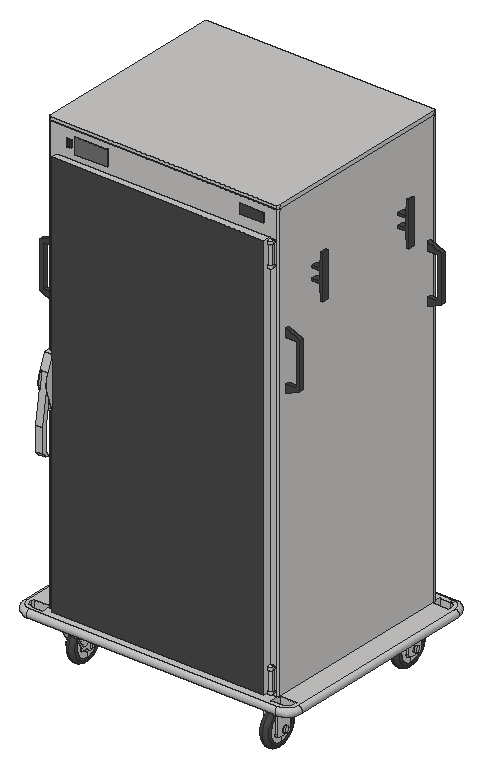
Revit family (continued)
Automatic sketch dimensions
  Split face 88 sketch curve to Extrusion 33 = 9.80301"
  Split face 88 sketch curve to Split face 88 sketch curve = 1"
  Split face 88 sketch curve to Split face 88 sketch curve = 1/4"
  Split face 89 sketch curve to Extrusion 33 = 2.02999"
  Split face 89 sketch curve to Extrusion 33 = 9.80301"
  Split face 89 sketch curve to Split face 89 sketch curve = 1"
  Split face 89 sketch curve to Split face 89 sketch curve = 1/4"
  Split face 90 sketch curve to Extrusion 33 = 1.62447"
  Split face 90 sketch curve to Extrusion 33 = 11.05265"
  Split face 90 sketch curve to Split face 90 sketch curve = 1"
  Split face 90 sketch curve to Split face 90 sketch curve = 1/4"
  Split face 91 sketch curve to Extrusion 33 = 2.02999"
  Split face 91 sketch curve to Extrusion 33 = 11.05265"
  Split face 91 sketch curve to Split face 91 sketch curve = 1"
  Split face 91 sketch curve to Split face 91 sketch curve = 1/4"
  Split face 92 sketch curve to Extrusion 33 = 1.62447"
  Split face 92 sketch curve to Extrusion 33 = 12.30229"
  Split face 92 sketch curve to Split face 92 sketch curve = 1"
  Split face 92 sketch curve to Split face 92 sketch curve = 1/4"
  Split face 93 sketch curve to Extrusion 33 = 2.02999"
  Split face 93 sketch curve to Extrusion 33 = 12.30229"
  Split face 93 sketch curve to Split face 93 sketch curve = 1"
  Split face 93 sketch curve to Split face 93 sketch curve = 1/4"
  Split face 94 sketch curve to Extrusion 33 = 1.62447"
  Split face 94 sketch curve to Extrusion 33 = 13.55192"
  Split face 94 sketch curve to Split face 94 sketch curve = 1"
  Split face 94 sketch curve to Split face 94 sketch curve = 1/4"
  Split face 95 sketch curve to Extrusion 33 = 2.02999"
  Split face 95 sketch curve to Extrusion 33 = 13.55192"
  Split face 95 sketch curve to Split face 95 sketch curve = 1"
  Split face 95 sketch curve to Split face 95 sketch curve = 1/4"
  Split face 96 sketch curve to Extrusion 33 = 1.62447"
  Split face 96 sketch curve to Extrusion 33 = 14.26094"
  Split face 96 sketch curve to Split face 96 sketch curve = 1"
  Split face 96 sketch curve to Split face 96 sketch curve = 1/4"
  Split face 97 sketch curve to Extrusion 33 = 1.62447"
  Split face 97 sketch curve to Extrusion 33 = 12.30229"
  Split face 97 sketch curve to Split face 97 sketch curve = 1"
  Split face 97 sketch curve to Split face 97 sketch curve = 1/4"
  Split face 98 sketch curve to Extrusion 33 = 2.02999"
  Split face 98 sketch curve to Extrusion 33 = 12.30229"
  Split face 98 sketch curve to Split face 98 sketch curve = 1"
  Split face 98 sketch curve to Split face 98 sketch curve = 1/4"
  Split face 99 sketch curve to Extrusion 33 = 1.62447"
  Split face 99 sketch curve to Extrusion 33 = 13.55192"
  Split face 99 sketch curve to Split face 99 sketch curve = 1"
  Split face 99 sketch curve to Split face 99 sketch curve = 1/4"
  Split face 100 sketch curve to Extrusion 33 = 2.02999"
  Split face 100 sketch curve to Extrusion 33 = 13.55192"
  Split face 100 sketch curve to Split face 100 sketch curve = 1"
  Split face 100 sketch curve to Split face 100 sketch curve = 1/4"
  Split face 101 sketch curve to Extrusion 33 = 1.62447"
  Split face 101 sketch curve to Extrusion 33 = 14.26094"
  Split face 101 sketch curve to Split face 101 sketch curve = 1"
  Split face 101 sketch curve to Split face 101 sketch curve = 1/4"
  Split face 102 sketch curve to Extrusion 33 = 2.02999"
  Split face 102 sketch curve to Extrusion 33 = 14.26094"
  Split face 102 sketch curve to Split face 102 sketch curve = 1"
  Split face 102 sketch curve to Split face 102 sketch curve = 1/4"
  Split face 103 sketch curve to Extrusion 33 = 2.02999"
  Split face 103 sketch curve to Extrusion 33 = 14.26094"
  Split face 103 sketch curve to Split face 103 sketch curve = 1"
  Split face 103 sketch curve to Split face 103 sketch curve = 1/4"
  Split face 104 sketch curve to Extrusion 33 = 1 1/16"
  Split face 104 sketch curve to Split face 104 sketch curve = 1"
  Split face 104 sketch curve to Extrusion 33 = 1.77999"
  Split face 104 sketch curve to Split face 104 sketch curve = 1/4"
  Extrusion 34 sketch curve to plane 5 "FRONT" = 0.70806"
  plane 3 "LEFT" to Extrusion 34 sketch curve = 3.97936"
  Extrusion 34 sketch curve to Extrusion 34 sketch curve = 0.45814"
  Extrusion 34 sketch curve to plane 5 "FRONT" = 1.16131"
  Extrusion 34 sketch curve to plane 4 "RIGHT" = 4 7/16"
  Extrusion 35 sketch curve to plane 5 "FRONT" = 0.70806"
  Extrusion 35 sketch curve to plane 4 "RIGHT" = 3.97936"
  Extrusion 35 sketch curve to Extrusion 35 sketch curve = 0.45814"
  Extrusion 35 sketch curve to plane 5 "FRONT" = 1.16131"
  plane 3 "LEFT" to Extrusion 35 sketch curve = 4 7/16"
  plane 10 to Extrusion 36 sketch curve = 0.34609"
  Extrusion 36 sketch curve to plane 4 "RIGHT" = 8.58209"
  Extrusion 36 sketch curve to Extrusion 36 sketch curve = 3.33368"
  Extrusion 36 sketch curve to Extrusion 36 sketch curve = 1.30448"
  Split face 105 sketch curve to Extrusion 36 = 0.23887"
  Split face 105 sketch curve to Split face 105 sketch curve = 0.05568"
  Split face 105 sketch curve to Split face 105 sketch curve = 0.03955"
  Split face 105 sketch curve to Split face 105 sketch curve = 0.03877"
  Split face 105 sketch curve to Split face 105 sketch curve = 0.07497"
  Split face 105 sketch curve to Split face 105 sketch curve = 0.12086"
  Split face 105 sketch curve to Split face 105 sketch curve = 0.03391"
  Split face 105 sketch curve to Split face 105 sketch curve = 0.07388"
  Split face 105 sketch curve to Extrusion 36 = 0.5239"
  Split face 105 sketch curve to Split face 105 sketch curve = 0"
  Split face 105 sketch curve to Split face 105 sketch curve = 0.09317"
  Split face 105 sketch curve to Split face 105 sketch curve = 0.22252"
  Split face 106 sketch curve to Extrusion 36 = 0.59356"
  Split face 106 sketch curve to Split face 106 sketch curve = 0.08004"
  Split face 106 sketch curve to Split face 106 sketch curve = 0.11363"
  Split face 106 sketch curve to Extrusion 36 = 0.5239"
  Split face 106 sketch curve to Split face 106 sketch curve = 0.04691"
  Split face 106 sketch curve to Split face 106 sketch curve = 0.26877"
  Split face 107 sketch curve to Extrusion 36 = 0.7445"
  Split face 107 sketch curve to Split face 107 sketch curve = 0.08708"
  Split face 107 sketch curve to Split face 107 sketch curve = 0.08827"
  Split face 107 sketch curve to Split face 107 sketch curve = 0.08589"
  Split face 107 sketch curve to Extrusion 36 = 0.5239"
  Split face 107 sketch curve to Split face 107 sketch curve = 0.27349"
  Split face 107 sketch curve to Split face 107 sketch curve = 0"
  Split face 107 sketch curve to Split face 107 sketch curve = 0.0422"
  Split face 108 sketch curve to Split face 108 sketch curve = 0"  (x2)
  Split face 108 sketch curve to Extrusion 36 = 1.0121"
  Split face 108 sketch curve to Split face 108 sketch curve = 0.16167"
  Split face 108 sketch curve to Extrusion 36 = 0.62596"
  Split face 109 sketch curve to Split face 109 sketch curve = 0"  (x4)
  Split face 109 sketch curve to Extrusion 36 = 0.55936"
  Split face 109 sketch curve to Extrusion 36 = 1.58281"
  Split face 109 sketch curve to Split face 109 sketch curve = 0.09009"
  Split face 109 sketch curve to Split face 109 sketch curve = 0.01464"
  Split face 109 sketch curve to Split face 109 sketch curve = 0.01665"
  Split face 109 sketch curve to Split face 109 sketch curve = 0.01495"
  Split face 109 sketch curve to Split face 109 sketch curve = 0.03513"
  Split face 109 sketch curve to Split face 109 sketch curve = 0.00126"
  Split face 109 sketch curve to Split face 109 sketch curve = 0.03876"
  Split face 109 sketch curve to Split face 109 sketch curve = 0.01024"
  Split face 109 sketch curve to Split face 109 sketch curve = 0.02975"
  Split face 109 sketch curve to Split face 109 sketch curve = 0.03354"
  Split face 109 sketch curve to Split face 109 sketch curve = 0.03631"
  Split face 109 sketch curve to Split face 109 sketch curve = 5/128"
  Split face 109 sketch curve to Split face 109 sketch curve = 0.03553"
  Split face 109 sketch curve to Split face 109 sketch curve = 0.03978"
  Split face 109 sketch curve to Split face 109 sketch curve = 0.01575"
  Split face 109 sketch curve to Split face 109 sketch curve = 0.00383"
  Split face 110 sketch curve to Extrusion 36 = 0.4649"
  Split face 110 sketch curve to Extrusion 36 = 1.51872"
  Split face 110 sketch curve to Split face 110 sketch curve = 0.06894"  (x2)
  Split face 110 sketch curve to Split face 110 sketch curve = 0.10523"
  Split face 110 sketch curve to Split face 110 sketch curve = 0"  (x2)
  Split face 110 sketch curve to Split face 110 sketch curve = 0.07801"
  Split face 110 sketch curve to Split face 110 sketch curve = 0.13507"
  Split face 110 sketch curve to Split face 110 sketch curve = 0.04253"
  Split face 110 sketch curve to Split face 110 sketch curve = 0.13809"  (x2)
  Split face 111 sketch curve to Extrusion 36 = 0.52639"
  Split face 111 sketch curve to Extrusion 36 = 1.24941"
  Split face 111 sketch curve to Split face 111 sketch curve = 0.05568"
  Split face 111 sketch curve to Split face 111 sketch curve = 0.03955"
  Split face 111 sketch curve to Extrusion 36 = 0.46241"
  Split face 111 sketch curve to Split face 111 sketch curve = 0.03877"
  Split face 111 sketch curve to Split face 111 sketch curve = 0.07497"
  Split face 111 sketch curve to Split face 111 sketch curve = 0.12086"
  Split face 111 sketch curve to Split face 111 sketch curve = 0.03391"
  Split face 111 sketch curve to Split face 111 sketch curve = 0.07388"
  Split face 111 sketch curve to Split face 111 sketch curve = 0"
  Split face 111 sketch curve to Split face 111 sketch curve = 0.09317"
  Split face 112 sketch curve to Extrusion 36 = 0.90776"
  Split face 112 sketch curve to Split face 112 sketch curve = 0.05568"
  Split face 112 sketch curve to Split face 112 sketch curve = 0.03955"
  Split face 112 sketch curve to Split face 112 sketch curve = 0.03877"
  Split face 112 sketch curve to Split face 112 sketch curve = 0.07497"
  Split face 112 sketch curve to Split face 112 sketch curve = 0.12086"
  Split face 112 sketch curve to Split face 112 sketch curve = 0.03391"
  Split face 112 sketch curve to Split face 112 sketch curve = 0.07388"
  Split face 112 sketch curve to Extrusion 36 = 0.52639"
  Split face 112 sketch curve to Split face 112 sketch curve = 0"
  Split face 112 sketch curve to Split face 112 sketch curve = 0.09317"
  Split face 112 sketch curve to Split face 112 sketch curve = 0.22252"
  Split face 113 sketch curve to Extrusion 36 = 0.56348"
  Split face 113 sketch curve to Split face 113 sketch curve = 0.05353"
  Split face 113 sketch curve to Split face 113 sketch curve = 0.0859"
  Split face 113 sketch curve to Split face 113 sketch curve = 0.08943"
  Split face 113 sketch curve to Split face 113 sketch curve = 0.09311"
  Split face 113 sketch curve to Split face 113 sketch curve = 0.10072"
  Split face 113 sketch curve to Split face 113 sketch curve = 0.00765"
  Split face 113 sketch curve to Split face 113 sketch curve = 0.06894"
  Split face 113 sketch curve to Extrusion 36 = 0.5239"
  Split face 113 sketch curve to Split face 113 sketch curve = 0"
  Split face 113 sketch curve to Split face 113 sketch curve = 0.01985"
  Split face 113 sketch curve to Split face 113 sketch curve = 0.12895"
  Split face 113 sketch curve to Split face 113 sketch curve = 0.03182"
  Split face 113 sketch curve to Split face 113 sketch curve = 0.05441"
  Split face 113 sketch curve to Split face 113 sketch curve = 0.13507"
  Split face 113 sketch curve to Split face 113 sketch curve = 0.11247"
  Split face 114 sketch curve to Extrusion 36 = 0.3506"
  Split face 114 sketch curve to Split face 114 sketch curve = 0.04856"
  Split face 114 sketch curve to Split face 114 sketch curve = 0.09021"
  Split face 114 sketch curve to Extrusion 36 = 0.64854"
  Split face 114 sketch curve to Split face 114 sketch curve = 0.11441"
  Split face 115 sketch curve to Extrusion 36 = 1.13908"
  Split face 115 sketch curve to Extrusion 36 = 0.53413"
  Split face 115 sketch curve to Split face 115 sketch curve = 0.04856"
  Split face 115 sketch curve to Split face 115 sketch curve = 0.09021"
  Split face 115 sketch curve to Split face 115 sketch curve = 0.11441"
  Split face 116 sketch curve to Extrusion 36 = 0.79867"
  Split face 116 sketch curve to Split face 116 sketch curve = 0.04856"
  Split face 116 sketch curve to Split face 116 sketch curve = 0.09021"
  Split face 116 sketch curve to Extrusion 36 = 0.64854"
  Split face 116 sketch curve to Split face 116 sketch curve = 0.11441"
  Split face 117 sketch curve to Split face 117 sketch curve = 0"  (x2)
  Split face 117 sketch curve to Extrusion 36 = 1.06792"
  Split face 117 sketch curve to Split face 117 sketch curve = 0.12633"
  Split face 117 sketch curve to Extrusion 36 = 0.63292"
  Split face 118 sketch curve to Extrusion 36 = 0.50326"
  Split face 118 sketch curve to Extrusion 36 = 1.16215"
  Split face 118 sketch curve to Split face 118 sketch curve = 0.02497"
  Split face 118 sketch curve to Split face 118 sketch curve = 0.05106"
  Split face 118 sketch curve to Split face 118 sketch curve = 0.03219"
  Split face 118 sketch curve to Split face 118 sketch curve = 0.16082"
  Split face 118 sketch curve to Split face 118 sketch curve = 0"  (x2)
  Split face 118 sketch curve to Split face 118 sketch curve = 0.36136"
  Split face 118 sketch curve to Split face 118 sketch curve = 0.01943"
  Split face 118 sketch curve to Split face 118 sketch curve = 0.06298"
  Split face 118 sketch curve to Split face 118 sketch curve = 0.15406"
  Split face 118 sketch curve to Split face 118 sketch curve = 0.00625"
  Split face 119 sketch curve to Extrusion 36 = 0.63292"
  Split face 119 sketch curve to Extrusion 36 = 1.40049"
  Split face 119 sketch curve to Split face 119 sketch curve = 0.11779"
  Split face 119 sketch curve to Split face 119 sketch curve = 0.03998"
  Split face 120 sketch curve to Extrusion 36 = 0.13475"
  Split face 120 sketch curve to Extrusion 36 = 0.93307"
  Split face 120 sketch curve to Split face 120 sketch curve = 0.06473"
  Split face 120 sketch curve to Split face 120 sketch curve = 0.05136"
  Split face 120 sketch curve to Split face 120 sketch curve = 0.02601"
  Split face 120 sketch curve to Split face 120 sketch curve = 0.27642"
  Split face 120 sketch curve to Split face 120 sketch curve = 0.03328"
  Split face 120 sketch curve to Split face 120 sketch curve = 0.20862"
  Split face 120 sketch curve to Split face 120 sketch curve = 0.03654"
  Split face 120 sketch curve to Split face 120 sketch curve = 0.06498"
  Split face 120 sketch curve to Split face 120 sketch curve = 0.07578"
  Split face 120 sketch curve to Split face 120 sketch curve = 0.0196"
  Split face 121 sketch curve to cut or joined group of Extrusion 1, Sweep 32, Extrusion 37 = 1 5/32"  (x2)
  Split face 121 sketch curve to cut or joined group of Extrusion 1, Sweep 32, Extrusion 37 = 0"  (x2)
  Split face 121 sketch curve to cut or joined group of Extrusion 1, Sweep 32, Extrusion 37 = 3.36686"
  plane 3 "LEFT" to Extrusion 37 sketch curve = 3 9/32"  (x2)
  Extrusion 37 sketch curve to Extrusion 37 sketch curve = 0"  (x15)
  Extrusion 37 sketch curve to Extrusion 37 sketch curve = 1/4"  (x5)
  Extrusion 37 sketch curve to plane 4 "RIGHT" = 3 17/32"  (x2)
  Extrusion 37 sketch curve to plane 5 "FRONT" = 2.16131"  (x2)
  plane 1 "BACK" to Extrusion 37 sketch curve = 2.1072"  (x2)
  radius of Extrusion 27 sketch curve = 1/4"
  radius of Split face 5 sketch curve = 0.31975"
Connectors (in)
  electrical at (18.96875, -1.72678, 64.5), driven by "Volts", driven by "Watts"
    settings: on Extrusion 27, index 1, voltage 0 V, apparent load 0 VA, apparent load phase1 0 VA, apparent load phase2 0 VA, apparent load phase3 0 VA, power factor 1, load classification "Other", number of poles 1, system type 30, power factor state 1, is connector primary yes, connector utility no, sub classification motor no, connector description "Electrical Connection"
